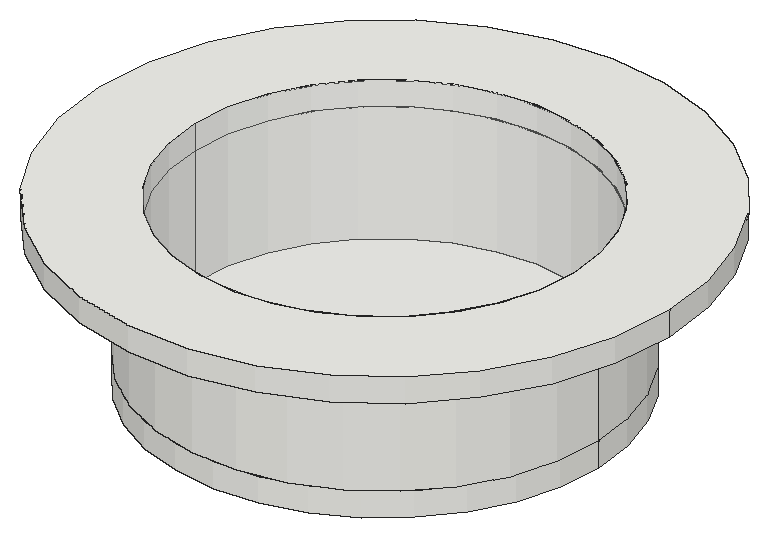
Revit family "970deb97601f4c81b66d08b21b1f945f", category Lighting Fixtures, host Face, Revit 2021
Family settings
  Host = Face
  Round Connector Dimension = Use Diameter
  Part Type = Normal
  OmniClass Number = 23.80.70.11.14
  OmniClass Title = General Luminaries, Directional
  Cut with Voids When Loaded = Yes
  Light Source = Yes
  Shared = No
  Room Calculation Point = No
Parameters (values of type "4" Trimless Downlight")
  Wattage = 4.71247 W
  built-in parameter 1150110 = 1 (stored number, unit not read)
  Voltage = 120 V
  URL = ""
  Trimless Flange = yes
  Shade Material = Steel, Paint Finish, Ivory, Glossy
  built-in parameter 1114217 = 1 (stored number, unit not read)
  Tilt Angle = -90.00°
  built-in parameter 1150109 = 1 (stored number, unit not read)
  built-in parameter 1150134 = (empty or 0)
  built-in parameter 1150113 = 1 (stored number, unit not read)
  R = Inside Radius + 0' 0 1/4"  # 0' - 2 1/4"
  Number of Poles = 1
  Load Classification = Lighting - Dwelling Unit
  Inside Diameter = 0' - 4"
  Inside Radius = Inside Diameter / 2  # 0' - 2"
  Photometric Web File = "Downlight_LED.IES"
  Model = ""
  Manufacturer = ""
  built-in parameter 1150105 = -1440600 (stored number, unit not read)
  Lumens = 700 lm
  built-in parameter 1150115 = 1 (stored number, unit not read)
  built-in parameter 1150137 = (empty or 0)
  built-in parameter 1150139 = (empty or 0)
  built-in parameter 1150112 = 1 (stored number, unit not read)
  built-in parameter 1150114 = 1 (stored number, unit not read)
  Lamp = "LED"
  built-in parameter 1150132 = 2
  built-in parameter 1150102 = (empty or 0)
  built-in parameter 1150107 = 2700 (stored number, unit not read)
  built-in parameter 1150138 = (empty or 0)
  built-in parameter 1150106 = -14406 (stored number, unit not read)
  Fixture Type = "Downlight"
  built-in parameter 1150104 = 13.8 (stored number, unit not read)
  Dimming Lamp Color Temperature Shift = <None>
  Diffuser Material = Glass, White, High Luminance
  Description = ""
  Default Elevation = 1' - 0"
  Outside Diameter = Inside Diameter + 0' 2"  # 0' - 6"
  Connector Description = "Power Connection"
  Color Filter = 16777215
  Thickness = 0' - 1 1/2"
  Beam Spread = 40.00°
  built-in parameter 1114218 = 1 (stored number, unit not read)
  built-in parameter 1150133 = 10 (stored number, unit not read)
  Assembly Code = ""
  Apparent Load = 20 W
Reference planes (in)
  plane 1 "Center (Front/Back)": y = 0
  plane 2: z = 0
  plane 3 "Center (Left/Right)": x = 0
  plane 4: z = -1.5
Forms (in)
  Extrusion 1, solid, material "Glass, White, High Luminance" <- "Diffuser Material"
    sketch origin (0, 0, 0) x (1, 0, 0) y (0, 1, 0)
      loop
        circle (0, 0) r 2
    from 0 to 0.25
  Extrusion 2, solid, material "Steel, Paint Finish, Ivory, Glossy" <- "Shade Material"
    sketch origin (0, 0, 0) x (1, 0, 0) y (0, 1, 0)
      loop
        circle (0, 0) r 2
      loop
        circle (0, 0) r 3
    from 0 to 0.25
  Extrusion 3, solid, material "Steel, Paint Finish, Ivory, Glossy" <- "Shade Material"
    sketch origin (0, 0, 0) x (1, 0, 0) y (0, 1, 0)
      loop
        circle (0, 0) r 2
      loop
        circle (0, 0) r 2.25
    from -1.25 to 0
  Extrusion 4, solid, material "Steel, Paint Finish, Ivory, Glossy" <- "Shade Material"
    sketch origin (0, 0, 0) x (1, 0, 0) y (0, 1, 0)
      loop
        circle (0, 0) r 2.25
    from -1.5 to -1.25
  Extrusion 5, void
    sketch origin (0, 0, 0) x (1, 0, 0) y (0, 1, 0)
      loop
        circle (0, 0) r 2.25
    from -1.5 to 0
Cuts and joins
  joined: Extrusion 3, Extrusion 4
  Extrusion 5 cuts Extrusion 1
  Extrusion 5 cuts Extrusion 2
Dimensions and locks (in)
  "Thickness": plane 2 to plane 4
  "Inside Radius": radius of Extrusion 1 sketch curve
  "Outside Diameter": diameter of Extrusion 2 sketch curve
  "Inside Radius": radius of Extrusion 2 sketch curve
  "Inside Radius": radius of Extrusion 3 sketch curve
  "R": radius of Extrusion 3 sketch curve
  "R": radius of Extrusion 4 sketch curve
  "R": radius of Extrusion 5 sketch curve
  aligned and locked: plane 2 to host face
  aligned and locked: level to host face
  aligned and locked: Extrusion 2 to Extrusion 1
  aligned and locked: level to Extrusion 3
  aligned and locked: plane 3 "Center (Left/Right)" to Extrusion 3 sketch curve
  aligned and locked: plane 1 "Center (Front/Back)" to Extrusion 3 sketch curve  (x2)
  aligned and locked: plane 1 "Center (Front/Back)" to Extrusion 4 sketch curve
  aligned and locked: plane 3 "Center (Left/Right)" to Extrusion 4 sketch curve
  aligned and locked: Extrusion 4 to plane 4
  aligned and locked: Extrusion 3 to Extrusion 4
  aligned and locked: level to Extrusion 5
Automatic sketch dimensions
  host sketch curve to host sketch curve = 0' - 7.94166"
  host sketch curve to host sketch curve = 0' - 9 1/2"
  plane 1 "Center (Front/Back)" to Extrusion 1 sketch curve = 0' - 0"
  Extrusion 1 sketch curve to plane 3 "Center (Left/Right)" = 0' - 0"
  Extrusion 2 sketch curve to Extrusion 2 sketch curve = 0' - 0"  (x2)
  plane 1 "Center (Front/Back)" to Extrusion 2 sketch curve = 0' - 0"  (x3)
  Extrusion 2 sketch curve to plane 3 "Center (Left/Right)" = 0' - 0"
  Extrusion 3 sketch curve to Extrusion 3 sketch curve = 0' - 0"
  plane 1 "Center (Front/Back)" to Extrusion 5 sketch curve = 0' - 0"
  Extrusion 5 sketch curve to plane 3 "Center (Left/Right)" = 0' - 0"
Connectors (in)
  electrical at (0, 0, -1.5), driven by "Voltage", driven by "Apparent Load", driven by "Load Classification"
    settings: on cut or joined group of Extrusion 3, Extrusion 4, index 1, voltage 120 V, apparent load 0 W, apparent load phase1 20 W, apparent load phase2 0 W, apparent load phase3 0 W, power factor 0.95, load classification "Lighting - Dwelling Unit", number of poles 1, system type 31, power factor state 1, is connector primary yes, connector utility no, sub classification motor no, connector description ""
